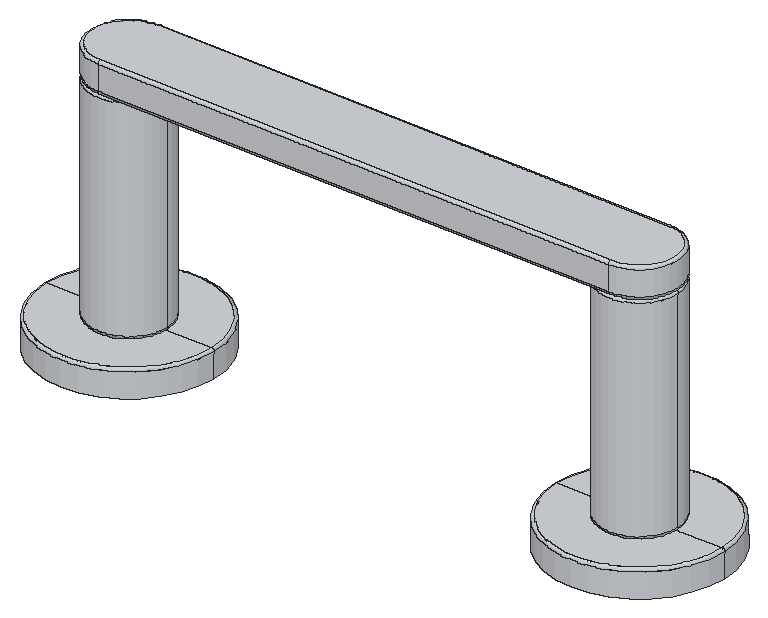
Revit family "Accessory-Tissue_Holder-KOHLER-Composed-K-73147", category Specialty Equipment, host Face, Revit 2015
Parameters (values of type "CP-Polished Chrome")
  Width = 3 3/16"  # constant formula
  URL = "https://www.us.kohler.com/us/"
  Type = 1
  Product Page URL = "http://www.us.kohler.com/us/catalog/productDetails.jsp?productNumber=73147"
  Product Name = "Composed"  # constant formula
  Product Documentation Link = "http://www.us.kohler.com/onlinecatalog/pdf/K-73147_spec.pdf"
  Model = if(Type = 1, "K-73147-CP", if(Type = 2, "K-73147-TT", "NA"))  # "K-73147-CP"
  Material = "Premium Metal Construction"  # constant formula
  MasterFormat 2004 = "10.28.13"  # constant formula
  MasterFormat 1995 = "10820"  # constant formula
  Manufacturer Address = "444 Highland Dr, Kohler, WI 53044"  # constant formula
  Manufacturer = "KOHLER Co."  # constant formula
  Length = 6"  # constant formula
  Height = 2"  # constant formula
  Finish = Kohler-Metal-CP-Polished_Chrome
  Environmental Product Declaration = ""
  Description = "Pivoting toilet tissue holder"  # constant formula
  Default Elevation = 42"
  Declare Label = ""
  Date Modified = "09/20/2018"  # constant formula
  Date Created = "09/20/2018"  # constant formula
  Copyright = "Copyright KOHLER Co."  # constant formula
  Contact Us = "https://www.us.kohler.com/us/static/contact.jsp"
  Assembly Code = "C1030200"
  ADA Compliant = 1 = 0  # no
Types (3): name | Type | Model | Finish
  (no name) | 1 | "K-73147-CP" | Kohler-Metal-CP-Polished_Chrome
  CP-Polished Chrome | 1 | "K-73147-CP" | Kohler-Metal-CP-Polished_Chrome
  TT-Vibrant Titanium | 2 | "K-73147-TT" | Kohler-Metal-TT-Vibrant_Titanium
Reference planes (in)
  plane 1 "Center (Front/Back)": y = 0
  plane 2: z = 0
  plane 3 "Center (Left/Right)": x = 0
  plane 4: y = 1
  plane 5: y = -1
  plane 6: z = 3.1875
  plane 7: x = -3
  plane 8: x = 3
Dimensions and locks (in)
  "Height": plane 5 to plane 4
  "Width": plane 6 to plane 2
  "Length": plane 7 to plane 8
  equal spacing: plane 7, plane 3 "Center (Left/Right)", plane 8
  aligned and locked: plane 2 to host face
  aligned and locked: level to host face
Automatic sketch dimensions
  host sketch curve to host sketch curve = 96"  (x2)
Nested families (in)
  nested 1: "K-73147" at (0, 0, 0), type "K-73147"
Definition of nested family "K-73147"
  Parameters (values of type "K-73147")
    Material = none
    Length = 6"
  Reference planes (in)
    plane 1 "Center (Front/Back)": y = 0
    plane 2: z = 0
    plane 3 "Center (Left/Right)": x = 0
    plane 4: x = -3
    plane 5: x = 3
    plane 6: y = 1
    plane 7: z = 3.1875
    plane 8: y = -1
  Forms (in)
    Revolve 1, solid, material <- "Material", detail levels medium+fine
      sketch origin (0, 0, 0) x (1, 0, 0) y (0, 0, 1)
        loop
          line (-4, 0) -> (-3, 0) -> (-3, 2.83726) -> (-3.41873, 2.83726)
          arc (-3.41873, 2.83726) -> (-3.4414, 2.82787) -> (-3.45079, 2.8052) r 0.03206
          line (-3.45079, 2.8052) -> (-3.45079, 0.3466)
          arc (-3.45079, 0.3466) -> (-3.44152, 0.32423) -> (-3.41915, 0.31496) r 0.03164
          line (-3.41915, 0.31496) -> (-3.96861, 0.31496)
          arc (-3.96861, 0.31496) -> (-3.99081, 0.30577) -> (-4, 0.28357) r 0.03139
          line (-4, 0.28357) -> (-4, 0)
        axis (-3, 2.83726) -> (-3, 0)
      angle from 0 to 360
    Revolve 2, solid, material <- "Material", detail levels medium+fine
      sketch origin (0, 0, 0) x (-1, 0, 0) y (0, 0, 1)
        loop
          line (-4, 0) -> (-3, 0) -> (-3, 2.83726) -> (-3.41873, 2.83726)
          arc (-3.41873, 2.83726) -> (-3.4414, 2.82787) -> (-3.45079, 2.8052) r 0.03206
          line (-3.45079, 2.8052) -> (-3.45079, 0.3466)
          arc (-3.45079, 0.3466) -> (-3.44152, 0.32423) -> (-3.41915, 0.31496) r 0.03164
          line (-3.41915, 0.31496) -> (-3.96861, 0.31496)
          arc (-3.96861, 0.31496) -> (-3.99081, 0.30577) -> (-4, 0.28357) r 0.03139
          line (-4, 0.28357) -> (-4, 0)
        axis (-3, 2.83726) -> (-3, 0)
      angle from 0 to 360
    Sweep 3, solid, material <- "Material", detail levels medium+fine
      path origin (0, 0, 0) x (1, 0, 0) y (0, 1, 0)
        loop
          line (3, 0.45079) -> (-3, 0.45079)
          arc (-3, 0.45079) -> (-3.45079, 0) -> (-3, -0.45079) r 0.45079
          line (-3, -0.45079) -> (3, -0.45079)
          arc (3, -0.45079) -> (3.45079, 0) -> (3, 0.45079) r 0.45079
      profile origin (0, 0.45079, 0) x (0, -1, 0) y (0, 0, 1)
        loop
          line (0.06353, 2.83711) -> (0.06353, 3.1875) -> (0.03174, 3.1875)
          arc (0.03174, 3.1875) -> (0.00929, 3.17821) -> (0, 3.15576) r 0.03174
          line (0, 3.15576) -> (0, 2.86921)
          arc (0, 2.86921) -> (0.0094, 2.84651) -> (0.03211, 2.83711) r 0.03211
          line (0.03211, 2.83711) -> (0.06353, 2.83711)
    Extrusion 4, solid, material <- "Material", detail levels medium+fine
      sketch origin (0, 0, 0) x (1, 0, 0) y (0, 1, 0)
        loop
          arc (-3, 0.38726) -> (-3.38726, 0) -> (-3, -0.38726) r 0.38726
          line (-3, -0.38726) -> (3, -0.38726)
          arc (3, -0.38726) -> (3.38726, 0) -> (3, 0.38726) r 0.38726
          line (3, 0.38726) -> (-3, 0.38726)
      from 2.83711 to 3.1875
    Revolve 5, solid, material <- "Material", detail levels coarse
      sketch origin (0, 0, 0) x (1, 0, 0) y (0, 0, 1)
        loop
          line (-4, 0) -> (-3, 0) -> (-3, 3.1875) -> (-3.45079, 3.1875) -> (-3.45079, 0.31496) -> (-4, 0.31496) -> (-4, 0)
        axis (-3, 3.1875) -> (-3, 0)
      angle from 0 to 360
    Revolve 6, solid, material <- "Material", detail levels coarse
      sketch origin (0, 0, 0) x (-1, 0, 0) y (0, 0, 1)
        loop
          line (-4, 0) -> (-3, 0) -> (-3, 2.83873) -> (-3.45079, 2.83873) -> (-3.45079, 0.31496) -> (-4, 0.31496) -> (-4, 0)
        axis (-3, 2.83873) -> (-3, 0)
      angle from 0 to 360
    Extrusion 7, solid, material <- "Material", detail levels coarse
      sketch origin (0, 0, 0) x (1, 0, 0) y (0, 1, 0)
        loop
          line (-2.99839, -0.45079) -> (3.00161, -0.45079)
          arc (3.00161, -0.45079) -> (3.45079, 0.0008) -> (3, 0.45079) r 0.45079
          line (3, 0.45079) -> (-3, 0.45079)
          arc (-3, 0.45079) -> (-3.45079, -0.0008) -> (-2.99839, -0.45079) r 0.45079
      from 2.83726 to 3.1875
  Cuts and joins
    joined: Sweep 3, Extrusion 4
    joined: Revolve 1, Revolve 2
    joined: Revolve 5, Extrusion 7
  Lines and regions (in)
    Masking region 1
      outline origin (0, 0, 0) x (1, 0, 0) y (0, 0, 1)
        loop
          line (-4, 0) -> (-2, 0) -> (-2, 0.28357)
          arc (-2, 0.28357) -> (-2.00919, 0.30577) -> (-2.03139, 0.31496) r 0.03139
          line (-2.03139, 0.31496) -> (-2.58085, 0.31496)
          arc (-2.58085, 0.31496) -> (-2.55848, 0.32423) -> (-2.54921, 0.3466) r 0.03164
          line (-2.54921, 0.3466) -> (-2.54921, 2.8052)
          arc (-2.54921, 2.8052) -> (-2.5586, 2.82787) -> (-2.58127, 2.83726) r 0.03206
          line (-2.58127, 2.83726) -> (2.58127, 2.83726)
          arc (2.58127, 2.83726) -> (2.5586, 2.82787) -> (2.54921, 2.8052) r 0.03206
          line (2.54921, 2.8052) -> (2.54921, 0.3466)
          arc (2.54921, 0.3466) -> (2.55848, 0.32423) -> (2.58085, 0.31496) r 0.03164
          line (2.58085, 0.31496) -> (2.03139, 0.31496)
          arc (2.03139, 0.31496) -> (2.00919, 0.30577) -> (2, 0.28357) r 0.03139
          line (2, 0.28357) -> (2, 0) -> (4, 0) -> (4, 0.28357)
          arc (4, 0.28357) -> (3.99081, 0.30577) -> (3.96861, 0.31496) r 0.03139
          line (3.96861, 0.31496) -> (3.41915, 0.31496)
          arc (3.41915, 0.31496) -> (3.44152, 0.32423) -> (3.45079, 0.3466) r 0.03164
          line (3.45079, 0.3466) -> (3.45079, 2.8052)
          arc (3.45079, 2.8052) -> (3.4414, 2.82787) -> (3.41873, 2.83726) r 0.03206
          arc (3.41873, 2.83726) -> (3.4414, 2.84665) -> (3.45079, 2.86932) r 0.03206
          line (3.45079, 2.86932) -> (3.45079, 3.15522)
          arc (3.45079, 3.15522) -> (3.44134, 3.17805) -> (3.41851, 3.1875) r 0.03228
          line (3.41851, 3.1875) -> (-3.41851, 3.1875)
          arc (-3.41851, 3.1875) -> (-3.44134, 3.17805) -> (-3.45079, 3.15522) r 0.03228
          line (-3.45079, 3.15522) -> (-3.45079, 2.86932)
          arc (-3.45079, 2.86932) -> (-3.4414, 2.84665) -> (-3.41873, 2.83726) r 0.03206
          arc (-3.41873, 2.83726) -> (-3.4414, 2.82787) -> (-3.45079, 2.8052) r 0.03206
          line (-3.45079, 2.8052) -> (-3.45079, 0.3466)
          arc (-3.45079, 0.3466) -> (-3.44152, 0.32423) -> (-3.41915, 0.31496) r 0.03164
          line (-3.41915, 0.31496) -> (-3.96861, 0.31496)
          arc (-3.96861, 0.31496) -> (-3.99081, 0.30577) -> (-4, 0.28357) r 0.03139
          line (-4, 0.28357) -> (-4, 0)
    Masking region 2
      outline origin (0, 0, 0) x (0, 1, 0) y (0, 0, 1)
        loop
          line (1, 0) -> (1, 0.28357)
          arc (1, 0.28357) -> (0.99081, 0.30577) -> (0.96861, 0.31496) r 0.03139
          line (0.96861, 0.31496) -> (0.41915, 0.31496)
          arc (0.41915, 0.31496) -> (0.44152, 0.32423) -> (0.45079, 0.3466) r 0.03164
          line (0.45079, 0.3466) -> (0.45079, 2.8052)
          arc (0.45079, 2.8052) -> (0.4414, 2.82787) -> (0.41873, 2.83726) r 0.03206
          arc (0.41873, 2.83726) -> (0.4414, 2.84665) -> (0.45079, 2.86932) r 0.03206
          line (0.45079, 2.86932) -> (0.45079, 3.15522)
          arc (0.45079, 3.15522) -> (0.44134, 3.17805) -> (0.41851, 3.1875) r 0.03228
          line (0.41851, 3.1875) -> (-0.41851, 3.1875)
          arc (-0.41851, 3.1875) -> (-0.44134, 3.17805) -> (-0.45079, 3.15522) r 0.03228
          line (-0.45079, 3.15522) -> (-0.45079, 2.86932)
          arc (-0.45079, 2.86932) -> (-0.4414, 2.84665) -> (-0.41873, 2.83726) r 0.03206
          arc (-0.41873, 2.83726) -> (-0.4414, 2.82787) -> (-0.45079, 2.8052) r 0.03206
          line (-0.45079, 2.8052) -> (-0.45079, 0.3466)
          arc (-0.45079, 0.3466) -> (-0.44152, 0.32423) -> (-0.41915, 0.31496) r 0.03164
          line (-0.41915, 0.31496) -> (-0.96861, 0.31496)
          arc (-0.96861, 0.31496) -> (-0.99081, 0.30577) -> (-1, 0.28357) r 0.03139
          line (-1, 0.28357) -> (-1, 0) -> (1, 0)
    Masking region 3
      outline origin (0, 0, 0) x (1, 0, 0) y (0, 1, 0)
        loop
          line (2.10737, 0.45079) -> (-2.10737, 0.45079)
          arc (-2.10737, 0.45079) -> (-4, 0) -> (-2.10737, -0.45079) r 1
          line (-2.10737, -0.45079) -> (2.10737, -0.45079)
          arc (2.10737, -0.45079) -> (4, 0) -> (2.10737, 0.45079) r 1
    symbolic lines, detail levels medium+fine
      curve 1: line (-3.41915, 0, 0.31496) -> (-2.58085, 0, 0.31496)
      curve 2: line (-3.41873, 0, 2.83726) -> (-2.58127, 0, 2.83726)
      curve 3: line (3.41873, 0, 2.83726) -> (2.58127, 0, 2.83726)
      curve 4: line (3.41915, 0, 0.31496) -> (2.58085, 0, 0.31496)
      curve 5: line (-2, 0, 2.83726) -> (-2, 0, 3.1875)
      curve 6: line (2, 0, 3.1875) -> (2, 0, 2.83726)
      curve 7: line (0, 0.41873, 2.83726) -> (0, -0.41873, 2.83726)
      curve 8: line (0, 0.41915, 0.31496) -> (0, -0.41915, 0.31496)
      curve 9: line (-2.10737, 0.45079, 0) -> (-3, 0.45079, 0)
      curve 10: line (-2.10737, -0.45079, 0) -> (-3, -0.45079, 0)
      curve 11: arc (-3, 0.45079, 0) -> (-3.45079, 0, 0) -> (-3, -0.45079, 0) r 0.45079
      curve 12: line (2.10737, 0.45079, 0) -> (3, 0.45079, 0)
      curve 13: line (2.10737, -0.45079, 0) -> (3, -0.45079, 0)
      curve 14: arc (3, 0.45079, 0) -> (3.45079, 0, 0) -> (3, -0.45079, 0) r 0.45079
      curve 15: line (-1.89226, 0.45079, 0) -> (-1.89226, -0.45079, 0)
      curve 16: line (1.89226, 0.45079, 0) -> (1.89226, -0.45079, 0)
  Dimensions and locks (in)
    equal spacing: plane 4, plane 3 "Center (Left/Right)", plane 5
    "Length": plane 4 to plane 5
    plane 7 to level = 3 3/16"
    plane 7 to plane 2 = 3 3/16"
    locked: plane 4 to curve 5 at 1
    locked: plane 5 to curve 6 at 1
    aligned and locked: plane 2 to level
    aligned and locked: Revolve 1 sketch curve to plane 4
    aligned and locked: plane 4 to Revolve 1 sketch curve
    aligned and locked: plane 5 to Revolve 2 sketch curve
    aligned and locked: Revolve 2 sketch curve to plane 5
    aligned and locked: plane 5 to Sweep 3 sketch curve
    aligned and locked: plane 4 to Sweep 3 sketch curve
    aligned and locked: Extrusion 4 sketch curve to Sweep 3  (x2)
    aligned and locked: Sweep 3 to Extrusion 4
    aligned and locked: Masking region 1 sketch curve to plane 7
    aligned and locked: Masking region 1 sketch curve to Masking region 1 sketch curve  (x2)
    aligned and locked: curve 1 to cut or joined group of Revolve 1, Revolve 2
    aligned and locked: cut or joined group of Revolve 1, Revolve 2 to curve 1
    aligned and locked: curve 2 to Masking region 1  (x2)
    aligned and locked: curve 3 to Masking region 1  (x2)
    aligned and locked: curve 4 to cut or joined group of Revolve 1, Revolve 2
    aligned and locked: cut or joined group of Revolve 1, Revolve 2 to curve 4
    aligned and locked: Masking region 2 sketch curve to Masking region 2 sketch curve
    aligned and locked: plane 5 to Masking region 3 sketch curve
    aligned and locked: curve 9 to Masking region 3
    aligned and locked: plane 4 to curve 9
    aligned and locked: curve 10 to Masking region 3
    aligned and locked: plane 4 to curve 10
    aligned and locked: curve 12 to Masking region 3
    aligned and locked: plane 5 to curve 12
    aligned and locked: curve 13 to Masking region 3
    aligned and locked: plane 5 to curve 13
    aligned and locked: Revolve 5 sketch curve to plane 4
    aligned and locked: plane 4 to Revolve 5 sketch curve
    aligned and locked: plane 5 to Revolve 6 sketch curve
    aligned and locked: Revolve 6 sketch curve to plane 5
    aligned and locked: Extrusion 7 sketch curve to Revolve 5
    aligned and locked: Extrusion 7 sketch curve to Revolve 6
  Automatic sketch dimensions
    plane 1 "Center (Front/Back)" to curve 14 = 0"
    plane 1 "Center (Front/Back)" to curve 11 = 0"
    plane 1 "Center (Front/Back)" to curve 13 = 0.45079"
    plane 1 "Center (Front/Back)" to curve 10 = 0.45079"
    curve 10 to curve 15 = 0.21511"
    curve 16 to curve 13 = 0.21511"
    curve 16 to curve 13 = 0"
    curve 10 to curve 15 = 0"
    curve 9 to curve 15 = 0"
    curve 16 to curve 12 = 0"
    plane 1 "Center (Front/Back)" to curve 8 = 0.41915"
    level to curve 8 = 0.31496"
    plane 1 "Center (Front/Back)" to curve 7 = 0.41873"
    curve 7 to plane 1 "Center (Front/Back)" = 0.41873"
    curve 8 to plane 1 "Center (Front/Back)" = 0.41915"
    curve 7 to plane 7 = 0.35024"
    curve 6 to plane 7 = 0"
    curve 5 to plane 7 = 0"
    curve 2 to plane 4 = 0.41873"
    curve 1 to plane 4 = 0.41915"
    curve 4 to plane 5 = 0.41915"
    curve 3 to plane 5 = 0.41873"
    curve 5 to plane 7 = 0.35024"
    curve 6 to plane 7 = 0.35024"
    Revolve 1 sketch curve to level = 0"  (x2)
    Revolve 1 sketch curve to Revolve 1 sketch curve = 0.41873"
    plane 4 to Revolve 1 sketch curve = 0.41915"
    Revolve 1 sketch curve to Revolve 1 sketch curve = 0.03206"
    Revolve 1 sketch curve to Revolve 1 sketch curve = 0.51782"
    Revolve 1 sketch curve to Revolve 1 sketch curve = 0.03139"
    level to Revolve 1 sketch curve = 0.28357"
    Revolve 1 sketch curve to plane 7 = 0.3823"
    Revolve 1 sketch curve to Revolve 1 sketch curve = 0.35774"
    Revolve 2 sketch curve to level = 0"  (x2)
    Revolve 2 sketch curve to plane 5 = 0.41873"
    Revolve 2 sketch curve to plane 5 = 0.41915"
    Revolve 2 sketch curve to Revolve 2 sketch curve = 0.03206"
    Revolve 2 sketch curve to Revolve 2 sketch curve = 0.51782"
    Revolve 2 sketch curve to Revolve 2 sketch curve = 0.03139"
    Revolve 2 sketch curve to Revolve 2 sketch curve = 0.28357"
    plane 7 to Revolve 2 sketch curve = 0.3823"
    level to Revolve 2 sketch curve = 0.35774"
    plane 1 "Center (Front/Back)" to Sweep 3 sketch curve = 0"
    plane 1 "Center (Front/Back)" to Sweep 3 sketch curve = 0.45079"
    Sweep 3 sketch curve to profile plane = 0"
    Sweep 3 sketch curve to profile plane = 0.03174"
    Sweep 3 sketch curve to profile plane = 0.03211"
    Sweep 3 sketch curve to Sweep 3 sketch curve = 0.03179"
    level to Sweep 3 sketch curve = 2.83711"
    Sweep 3 sketch curve to Sweep 3 sketch curve = 0.28655"
    Masking region 1 sketch curve to level = 0"  (x2)
    plane 4 to Masking region 1 sketch curve = 1"
    Masking region 1 sketch curve to Masking region 1 sketch curve = 0.03139"  (x4)
    plane 4 to Masking region 1 sketch curve = 0.45079"
    Masking region 1 sketch curve to Masking region 1 sketch curve = 0"
    Masking region 1 sketch curve to Masking region 1 sketch curve = 0.03164"  (x3)
    Masking region 1 sketch curve to Masking region 1 sketch curve = 0.03206"  (x6)
    Masking region 1 sketch curve to Masking region 1 sketch curve = 0.03228"
    Masking region 1 sketch curve to plane 4 = 0.41873"
    Masking region 1 sketch curve to plane 4 = 0.41915"
    level to Masking region 1 sketch curve = 0.28357"  (x4)
    Masking region 1 sketch curve to Masking region 1 sketch curve = 0.51782"  (x2)
    Masking region 1 sketch curve to plane 5 = 1"
    Masking region 1 sketch curve to plane 5 = 0.45079"
    plane 5 to Masking region 1 sketch curve = 0.41851"
    Masking region 1 sketch curve to Masking region 1 sketch curve = 0.00022"
    plane 5 to Masking region 1 sketch curve = 0.41915"
    Masking region 1 sketch curve to plane 7 = 0.3823"
    Masking region 1 sketch curve to Masking region 1 sketch curve = 0.35002"  (x2)
    Masking region 2 sketch curve to level = 0"
    Masking region 2 sketch curve to plane 8 = 0"
    Masking region 2 sketch curve to plane 7 = 0"
    Masking region 2 sketch curve to plane 6 = 0"
    Masking region 2 sketch curve to plane 8 = 0.03139"
    Masking region 2 sketch curve to plane 7 = 0.03228"  (x2)
    plane 1 "Center (Front/Back)" to Masking region 2 sketch curve = 0.45079"
    Masking region 2 sketch curve to Masking region 2 sketch curve = 0"  (x2)
    Masking region 2 sketch curve to Masking region 2 sketch curve = 0.03164"  (x2)
    Masking region 2 sketch curve to Masking region 2 sketch curve = 0.03206"  (x3)
    Masking region 2 sketch curve to plane 1 "Center (Front/Back)" = 0.41851"
    Masking region 2 sketch curve to Masking region 2 sketch curve = 0.00022"
    Masking region 2 sketch curve to plane 1 "Center (Front/Back)" = 0.41915"
    Masking region 2 sketch curve to plane 6 = 0.03139"
    level to Masking region 2 sketch curve = 0.28357"  (x2)
    Masking region 2 sketch curve to Masking region 2 sketch curve = 0.35002"  (x2)
    plane 1 "Center (Front/Back)" to Masking region 3 sketch curve = 0"  (x2)
    Masking region 3 sketch curve to plane 4 = 0"
    Masking region 3 sketch curve to plane 4 = 0.89263"  (x2)
    Masking region 3 sketch curve to plane 1 "Center (Front/Back)" = 0.45079"
    Masking region 3 sketch curve to plane 5 = 0.89263"
    Revolve 5 sketch curve to level = 0"  (x2)
    Revolve 5 sketch curve to plane 7 = 0"
    plane 4 to Revolve 5 sketch curve = 0.45079"
    Revolve 5 sketch curve to Revolve 5 sketch curve = 0.54921"
    Revolve 5 sketch curve to Revolve 5 sketch curve = 0.31496"
    Revolve 5 sketch curve to Revolve 5 sketch curve = 0.3666"
    Revolve 6 sketch curve to level = 0"  (x2)
    plane 7 to Revolve 6 sketch curve = 0.34877"
    Revolve 6 sketch curve to plane 5 = 0.45079"
    Revolve 6 sketch curve to Revolve 6 sketch curve = 0.54921"
    Revolve 6 sketch curve to level = 0.31496"
    Revolve 6 sketch curve to Revolve 6 sketch curve = 0.3666"
    plane 5 to Extrusion 7 sketch curve = 0.00161"
